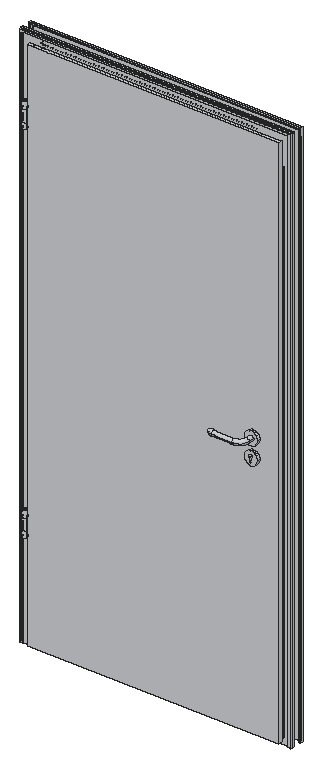
Revit family "BOS-Leibungszarge-Planar-TEud-STW_Familie", category Türen, Revit 2017
Family settings
  Basisbauteil = Wand
  Immer vertikal = Ja
  Beim Laden mit Abzugskörper schneiden = Nein
  Gemeinsam genutzt = Nein
  Raumberechnungspunkt = Ja
Parameters (values of type "TEud")
  Öffnungswinkel [instance] = if(Öffnungswinkel   Aperture < Öffnungswinkel min., Öffnungswinkel min., if(Öffnungswinkel   Aperture > Öffnungswinkel max., Öffnungswinkel max., Öffnungswinkel   Aperture)) * if(DIN links   DIN Left, 1, -1)  # 0.00°
  Öffnungswinkel min. = 0.00°  # constant formula
  Öffnungswinkel max. = 90.00°  # constant formula
  Öffnungswinkel   Aperture [instance] = 0.00°
  Wandstärke min. = 125 mm  # constant formula
  Wandstärke [instance] = if(Wandstärke   Wall Thickness < Wandstärke min., Wandstärke min., Wandstärke   Wall Thickness)  # 200 mm
  Türblattabstand unten = 7 mm  # constant formula
  Türblattabstand oben = 4 mm  # constant formula
  Türblattabstand links-rechts = 3.5 mm  # constant formula
  Türblattabstand 3 = 4.5 mm  # constant formula
  Türblattabstand 2 = 4.5 mm  # constant formula
  Türblattabstand 1 = if(Gefälzt, 1.5 mm, -2 mm)  # 1.5 mm
  Türblattversatz  horizontal = if(Gefälzt, 11.5 mm, 6 mm)  # 11.5 mm
  Türblattaufschlag = 13 mm  # constant formula
  Theoretisches Rohbaumaß Höhe   Theoretical Wall Opening Height Measurement [instance] = FMH Falzmaß Höhe + Einfügepunkt  # 2166 mm
  Theoretisches Rohbaumaß Breite   Theoretical Wall Opening Width Measurement [instance] = FMB Falzmaß Breite + (2 * Einfügepunkt)  # 1082 mm
  Sickentiefe = 10 mm  # constant formula
  Material - Acrylfuge = none
  MW min. [instance] = Falztiefe gesamt + Leibungstiefe - Putzwinkel vorne - Putzwinkel hinten  # 31.5 mm
  MW max. [instance] = Falztiefe gesamt + Leibungstiefe - Putzwinkel vorne - Putzwinkel hinten  # 31.5 mm
  MW Maulweite [instance] = if(MW Maulweite   Receiving Opening < MW min., MW min., if(MW Maulweite   Receiving Opening > MW max., MW max., MW Maulweite   Receiving Opening))  # 31.5 mm
  Leibungstiefe = 23 mm  # constant formula
  Drehpunktreferenz vertikal [instance] = Wandstärke  # 200 mm
  Drehpunktreferenz horizontal = 500 mm  # constant formula
  Drehpunktposition vertikal [instance] = (Wandstärke   Wall Thickness / 2) + GT Gesamttiefe_Zarge   Total Profile Depth + [Drehpunktabstand (SP) vertikal]  # 164 mm
  Drehpunktposition horizontal [instance] = Drehpunktreferenz horizontal + Einfügepunkt + if(DIN links   DIN Left, FMB Falzmaß Breite + [Drehpunktabstand (FM) horizontal], -[Drehpunktabstand (FM) horizontal])  # 1545 mm
  Drehpunktabstand (SP) vertikal = if(Gefälzt, 12.5 mm, 13.5 mm)  # 12.5 mm
  Drehpunktabstand (FM) horizontal = if(Gefälzt, 21 mm, 2.5 mm)  # 21 mm
  Wandstärke   Wall Thickness [instance] = 200 mm
  Stumpf = or([TEsd (Bandrolle sichtbar)], [TEsd (versteckt liegendes Band)])  # no
  VX Bänder [instance] = or(TEud, [TEsd (Bandrolle sichtbar)])  # yes
  Spiegel vorne min. = if(TEud, 50 mm, if([TEsd (Bandrolle sichtbar)], 35 mm, 45 mm))  # 50 mm
  Spiegel vorne max. = 50 mm  # constant formula
  Spiegel hinten min. = 30 mm  # constant formula
  Spiegel hinten max. = 60 mm  # constant formula
  Putzwinkel vorne   Backbend Front [instance] = 10 mm  # constant formula
  Putzwinkel min. = 10 mm  # constant formula
  Putzwinkel max. = 28 mm  # constant formula
  Putzwinkel hinten   Backbend Back [instance] = 10 mm  # constant formula
  Gefälzt = TEud  # yes
  URL = "www.BestOfSteel.de/stahlzargen/sonderzargen-fuer-drehfluegeltueren/leibungszargen-planar/"
  Türblattstärke 3 = 25 mm  # constant formula
  Türblattstärke 2 = Türblattstärke - Türblattstärke 1 - Türblattstärke 3  # 25.5 mm
  Türblattstärke 1 = if(Gefälzt, 14.5 mm, 0 mm)  # 14.5 mm
  Türblattstärke = if(Einfachfalz, 65 mm, 65 mm)  # 65 mm
  Türblattversatz vertikal = if(Gefälzt, -3.5 mm, 15.5 mm)  # -3.5 mm
  Tectus Bänder [instance] = [TEsd (versteckt liegendes Band)]  # no
  TEud = yes
  TEsd (versteckt liegendes Band) = no
  TEsd (Bandrolle sichtbar) = no
  Spiegel vorne   Architrave Front [instance] = 50 mm
  Spiegel vorne [instance] = if(Spiegel vorne   Architrave Front < Spiegel vorne min., Spiegel vorne min., if(Spiegel vorne   Architrave Front > Spiegel vorne max., Spiegel vorne max., Spiegel vorne   Architrave Front))  # 50 mm
  Spiegel hinten   Architrave Back [instance] = 60 mm
  Spiegel hinten [instance] = if(Spiegel hinten   Architrave Back < Spiegel hinten min., Spiegel hinten min., if(Spiegel hinten   Architrave Back > Spiegel hinten max., Spiegel hinten max., Spiegel hinten   Architrave Back))  # 60 mm
  Rough Height = 0 mm  # constant formula
  Rough Width = 0 mm  # constant formula
  Rechtliche Hinweise [instance] = "www.BestOfSteel.de/tools-downloads/bim-building-information-modeling/"
  Putzwinkel vorne [instance] = if(Putzwinkel vorne   Backbend Front < Putzwinkel min., Putzwinkel min., if(Putzwinkel vorne   Backbend Front > Putzwinkel max., Putzwinkel max., Putzwinkel vorne   Backbend Front))  # 10 mm
  Putzwinkel hinten [instance] = if(Putzwinkel hinten   Backbend Back < Putzwinkel min., Putzwinkel min., if(Putzwinkel hinten   Backbend Back > Putzwinkel max., Putzwinkel max., Putzwinkel hinten   Backbend Back))  # 10 mm
  Profilverschiebung = 8 mm  # constant formula
  Modell = "TEud"
  Material - Zarge = none
  Material - Türblatt = none
  Material - Drückergarnitur = none
  Material - Dichtung = none
  Material - Bänder = none
  Material = "grundiert, feuerverzinktes Feinblech nach DIN EN 10143"
  MW Maulweite   Receiving Opening [instance] = Falztiefe gesamt + Leibungstiefe - Putzwinkel vorne - Putzwinkel hinten  # 31.5 mm
  LDH Lichte Durchgangs Höhe   Clearance Height [instance] = FMH Falzmaß Höhe - Falzaufschlag gesamt  # 2093 mm
  LDB Lichte Durchgangs Breite   Clearance Width [instance] = FMB Falzmaß Breite - 2 * (Falzaufschlag gesamt)  # 936 mm
  Information in English = no
  Height [instance] = Theoretisches Rohbaumaß Höhe   Theoretical Wall Opening Height Measurement  # 2166 mm
  Hersteller = "BOS GmbH Best Of Steel, Lütkenfelde 4, D-48282 Emsdetten"
  GT min. [instance] = MW min. + Putzwinkel vorne + Putzwinkel hinten  # 51.5 mm
  GT max. [instance] = MW max. + Putzwinkel vorne + Putzwinkel hinten  # 51.5 mm
  GT Gesamttiefe_Zarge   Total Profile Depth [instance] = MW Maulweite + Putzwinkel vorne + Putzwinkel hinten  # 51.5 mm
  MW Fehler [instance] = Wandstärke   Wall Thickness < Wandstärke min.  # no
  Funktion = Innen
  Falztiefe gesamt = Falztiefe + if(Einfachfalz, 0 mm, Falztiefe 2)  # 28.5 mm
  Falztiefe 2 = 25 mm  # constant formula
  Falztiefe = Türblattstärke 2 - Türblattabstand 1 + Türblattabstand 2  # 28.5 mm
  Falzaufschlag gesamt = Falzaufschlag * if(Einfachfalz, 1, 2)  # 15 mm
  Falzaufschlag = 15 mm  # constant formula
  FMH min. = 1608 mm  # constant formula
  FMH max. = 2858 mm  # constant formula
  FMH Falzmaß_Höhe   Rebate Height Measurement [instance] = 2108 mm
  FMH Falzmaß Höhe [instance] = if(FMH Falzmaß_Höhe   Rebate Height Measurement < FMH min., FMH min., if(FMH Falzmaß_Höhe   Rebate Height Measurement > FMH max., FMH max., FMH Falzmaß_Höhe   Rebate Height Measurement))  # 2108 mm
  FMB min. = 591 mm  # constant formula
  FMB max. = 1341 mm  # constant formula
  FMB Falzmaß_Breite   Rebate Width Measurement [instance] = 966 mm
  FMB Falzmaß Breite [instance] = if(FMB Falzmaß_Breite   Rebate Width Measurement < FMB min., FMB min., if(FMB Falzmaß_Breite   Rebate Width Measurement > FMB max., FMB max., FMB Falzmaß_Breite   Rebate Width Measurement))  # 966 mm
  Einfügepunkt [instance] = Profilverschiebung + Spiegel vorne  # 58 mm
  Einfachfalz = or(TEud, or([TEsd (Bandrolle sichtbar)], [TEsd (versteckt liegendes Band)]))  # yes
  Drückerhöhe   Handle Height [instance] = 1050 mm
  Drückerhöhe [instance] = if(Drückerhöhe   Handle Height < 850 mm, 850 mm, if(Drückerhöhe   Handle Height > 1050 mm, 1050 mm, Drückerhöhe   Handle Height))  # 1050 mm
  Drückergarnitur [instance] = 1 < 2  # yes
  Drehpunkt Warnung sichtbar = yes
  Drehpunkt Warnung [instance] = and(Drehpunkt Warnung sichtbar, not(Öffnungswinkel = 0.00°))  # no
  Doppelfalz = 1 > 2  # no
  Dicke = 0 mm  # constant formula
  Dichtungsversatz vertikal 1 [instance] = Wandstärke - Leibungstiefe + Sickentiefe  # 187 mm
  Dichtungsversatz horizontal 1 [instance] = 0 mm  # constant formula
  Dichtung 1 = or(Einfachfalz, Doppelfalz)  # yes
  DIN rechts   DIN Right [instance] = not(DIN links   DIN Left)  # no
  DIN links oder rechts [instance] = if(DIN links   DIN Left, "DIN links", "DIN rechts")  # "DIN links"
  DIN links   DIN Left [instance] = yes
  Bänder - Auswahl [instance] = if(TEud, "3D Bänder gefälzt, Bandaufnahmen BVX11000", if([TEsd (Bandrolle sichtbar)], "3D Bänder stumpf, Bandaufnahmen BVX11000", "Tectus 3D Bänder, Bandaufnahmenn für Tectus Bänder"))  # "3D Bänder gefälzt, Bandaufnahmen BVX11000"
  Width = 0 mm  # constant formula
  Beschreibung = "Leibungszarge Planar als Eckzarge für Ständerwerk Variante 1, gefälzt"
  Bauelement = "BOS Stahlzarge"
  BOS-Architekten-Beratung = "Tel.: +49 (0) 2572 203-203; E-Mail: architekten@BestOfSteel.de"
  BE max. = 100 mm  # constant formula
  BE Bodeneinstand   Foundation Bedding [instance] = 0 mm
  BE Bodeneinstand [instance] = if(BE Bodeneinstand   Foundation Bedding < 0 mm, 0 mm, if(BE Bodeneinstand   Foundation Bedding > BE max., BE max., BE Bodeneinstand   Foundation Bedding))  # 0 mm
  BBL1 Bandbezugslinie   Hinge Position 1 = 241 mm  # constant formula
  BA Bandabstand   Distance Between Hinges [instance] = if(FMH Falzmaß Höhe < 1546 mm, 935 mm, if(FMH Falzmaß Höhe < 1671 mm, 1060 mm, if(FMH Falzmaß Höhe < 1796 mm, 1185 mm, if(FMH Falzmaß Höhe < 1921 mm, 1310 mm, if(FMH Falzmaß Höhe < 2171 mm, 1435 mm, if(FMH Falzmaß Höhe < 2296 mm, 1685 mm, if(FMH Falzmaß Höhe < 2421 mm, 1810 mm, if(FMH Falzmaß Höhe < 2546 mm, 1935 mm, if(FMH Falzmaß Höhe < 2671 mm, 2060 mm, if(FMH Falzmaß Höhe < 2796 mm, 2185 mm, 2310 mm))))))))))  # 1435 mm
  Technische Infos rund um die Stahlzarge = "www.BestOfSteel.de/tools-downloads/technische-infos-rund-um-die-stahlzarge/"
  Info-Texte sichtbar = yes
Reference planes
  plane 1 "Wand": y = 0
  plane 2 "Mitte (Links/rechts)": x = 125
  plane 3 "Hinten": y = 100
  plane 4 "Vorne": y = -100
  plane 5 "TRB links": x = -416
  plane 6 "TRB rechts": x = 666
  plane 7 "TRH oben": z = 2166
  plane 8 "BBL1": z = 1867
  plane 9 "Drückerhöhe": z = 1050
  plane 10 "BBL2": z = 432
  plane 11 "BE": z = 0
  plane 12 "FMH oben": z = 2108
  plane 13 "BE max.": z = -100
  plane 14 "FMB links": x = -358
  plane 15 "FMB rechts": x = 608
  plane 16 "Drehpunktreferenz horizontal": x = 1166
  plane 17 "Drehpunktreferenz vertikal": y = 200
  plane 18 "Drehpunkt vertikal": y = 36
  plane 19 "Drehpunkt horizontal": x = -379
Forms (mm)
  Sweep 1, solid, material <- "Material - Zarge", detail levels medium+fine
    path origin (0, -100, 0) x (-1, 0, 0) y (0, 0, 1)
      loop
        line (416, 0) -> (416, 2166) -> (-666, 2166) -> (-666, 0)
    profile "BOS-TEud-TEsd_Profil : BOS-TEud-TEsd_Profil" origin (-416, -100, 1083) x (1, 0, 0) y (0, 1, 0)
      loop
        line (71.5, 197.5) -> (71.5, 179.75)
        arc (71.5, 179.75) -> (70.135, 178.505) -> (69.021, 179.979) r 1.25
        line (69.021, 179.979) -> (69.949, 184.949)
        arc (69.949, 184.949) -> (69.308, 187.417) -> (67, 188.5) r 3
        line (67, 188.5) -> (59, 188.5)
        arc (59, 188.5) -> (57.232, 187.768) -> (56.5, 186) r 2.5
        line (56.5, 186) -> (56.5, 151)
        arc (56.5, 151) -> (56.207, 150.293) -> (55.5, 150) r 1
        line (55.5, 150) -> (10.5, 150)
        arc (10.5, 150) -> (9.793, 150.293) -> (9.5, 151) r 1
        line (9.5, 151) -> (9.5, 158.5) -> (8, 158.5) -> (8, 151)
        arc (8, 151) -> (8.732, 149.232) -> (10.5, 148.5) r 2.5
        line (10.5, 148.5) -> (55.5, 148.5)
        arc (55.5, 148.5) -> (57.268, 149.232) -> (58, 151) r 2.5
        line (58, 151) -> (58, 186)
        arc (58, 186) -> (58.293, 186.707) -> (59, 187) r 1
        line (59, 187) -> (67, 187)
        arc (67, 187) -> (68.154, 186.458) -> (68.475, 185.225) r 1.5
        line (68.475, 185.225) -> (67.547, 180.255)
        arc (67.547, 180.255) -> (69.996, 177.012) -> (73, 179.75) r 2.75
        line (73, 179.75) -> (73, 197.5)
        arc (73, 197.5) -> (72.268, 199.268) -> (70.5, 200) r 2.5
        line (70.5, 200) -> (15.5, 200)
        arc (15.5, 200) -> (13.732, 199.268) -> (13, 197.5) r 2.5
        line (13, 197.5) -> (13, 190) -> (14.5, 190) -> (14.5, 197.5)
        arc (14.5, 197.5) -> (14.793, 198.207) -> (15.5, 198.5) r 1
        line (15.5, 198.5) -> (70.5, 198.5)
        arc (70.5, 198.5) -> (71.207, 198.207) -> (71.5, 197.5) r 1
  Sweep 2, solid, material <- "Material - Dichtung", visible <- "Dichtung 1", detail levels medium+fine
    path origin (0, -100, 0) x (-1, 0, 0) y (0, 0, 1)
      loop
        line (358, 0) -> (358, 2108) -> (-608, 2108) -> (-608, 0)
    profile "BOS-Dichtung_Profil : BOS-Dichtung_Profil" origin (-358, -100, 1054) x (1, 0, 0) y (0, 1, 0)
      loop
        arc (2.601, 185.763) -> (2.248, 185.616) -> (2.102, 185.263) r 0.5
        line (2.102, 185.263) -> (2.102, 181.134)
        arc (2.102, 181.134) -> (2.243, 180.754) -> (2.599, 180.557) r 0.584
        line (2.599, 180.557) -> (7.702, 179.78)
        arc (7.702, 179.78) -> (8.08, 179.892) -> (8.234, 180.254) r 0.462
        line (8.234, 180.254) -> (8.069, 184.492)
        arc (8.069, 184.492) -> (7.918, 184.903) -> (7.556, 185.15) r 0.716
        arc (7.556, 185.15) -> (5.104, 185.66) -> (2.601, 185.763) r 15.257
      loop
        arc (2.671, 179.457) -> (2.274, 179.338) -> (2.102, 178.96) r 0.501
        line (2.102, 178.96) -> (2.102, 176.065)
        arc (2.102, 176.065) -> (2.227, 175.651) -> (2.561, 175.374) r 0.75
        line (2.561, 175.374) -> (9.159, 173.5)
        arc (9.159, 173.5) -> (9.738, 173.426) -> (10.314, 173.526) r 1.962
        arc (10.314, 173.526) -> (11.596, 174.254) -> (12.503, 175.416) r 3.79
        arc (12.503, 175.416) -> (12.466, 175.789) -> (12.114, 175.916) r 0.351
        arc (12.114, 175.916) -> (9.731, 176.318) -> (8.301, 178.267) r 3.215
        arc (8.301, 178.267) -> (8.101, 178.597) -> (7.751, 178.759) r 0.66
        line (7.751, 178.759) -> (2.671, 179.457)
      loop
        arc (9.885, 185.192) -> (6.361, 186.549) -> (2.611, 187) r 15.273
        arc (2.611, 187) -> (1.229, 186.741) -> (0, 186.058) r 4.388
        arc (0, 186.058) -> (-0.126, 185.698) -> (0.203, 185.505) r 0.3
        line (0.203, 185.505) -> (1.052, 185.679) -> (1.052, 180.712) -> (0.253, 180.089)
        arc (0.253, 180.089) -> (0.158, 179.698) -> (0.517, 179.517) r 0.324
        arc (0.517, 179.517) -> (0.888, 179.425) -> (1.052, 179.08) r 0.446
        line (1.052, 179.08) -> (1.052, 175.838) -> (0.255, 175.075)
        arc (0.255, 175.075) -> (0.205, 174.709) -> (0.55, 174.577) r 0.297
        arc (0.55, 174.577) -> (1.217, 174.694) -> (1.892, 174.637) r 2.63
        line (1.892, 174.637) -> (9.198, 172.549)
        arc (9.198, 172.549) -> (9.621, 172.508) -> (10.045, 172.524) r 3.219
        arc (10.045, 172.524) -> (12.714, 174.031) -> (14.033, 176.798) r 5.088
        arc (14.033, 176.798) -> (13.874, 177.208) -> (13.442, 177.288) r 0.451
        line (13.442, 177.288) -> (12.151, 176.852)
        arc (12.151, 176.852) -> (10.406, 177.22) -> (9.336, 178.647) r 2.533
        line (9.336, 178.647) -> (9.088, 184.069)
        arc (9.088, 184.069) -> (9.253, 184.464) -> (9.663, 184.587) r 0.501
        arc (9.663, 184.587) -> (10.021, 184.799) -> (9.885, 185.192) r 0.329
  Sweep 3, void
    path origin (0, -100, 0) x (-1, 0, 0) y (0, 0, 1)
      loop
        line (416, 0) -> (416, 2166) -> (-125, 2166)
    profile origin (-416, -100, 1083) x (1, 0, 0) y (0, 1, 0)
      loop
        line (8, 200) -> (8, 187.5) -> (51, 187.5) -> (51, 175) -> (0, 175) -> (0, 143.5) -> (20.5, 143.5) -> (20.5, 0) -> (541, 0) -> (541, 200) -> (8, 200)
  Sweep 4, void
    path origin (0, -100, 0) x (-1, 0, 0) y (0, 0, 1)
      loop
        line (-666, 0) -> (-666, 2166) -> (-125, 2166)
    profile origin (666, -100, 1083) x (1, 0, 0) y (0, 1, 0)
      loop
        line (-541, 200) -> (-541, 0) -> (-20.5, 0) -> (-20.5, 143.5) -> (0, 143.5) -> (0, 175) -> (-51, 175) -> (-51, 187.5) -> (-8, 187.5) -> (-8, 200) -> (-541, 200)
  Sweep 5, solid, material <- "Material - Acrylfuge", detail levels fine
    path origin (0, -100, 0) x (-1, 0, 0) y (0, 0, 1)
      loop
        line (416, 0) -> (416, 2166) -> (-666, 2166) -> (-666, 0)
    profile origin (-416, -100, 1083) x (1, 0, 0) y (0, 1, 0)
      loop
        arc (20.5, 143.5) -> (19.836, 145.962) -> (19.584, 148.5) r 15.539
        line (19.584, 148.5) -> (10.5, 148.5)
        arc (10.5, 148.5) -> (10.261, 146) -> (10.5, 143.5) r 13.205
        line (10.5, 143.5) -> (20.5, 143.5)
      loop
        line (8, 200) -> (8, 190)
        arc (8, 190) -> (10.5, 189.761) -> (13, 190) r 13.205
        line (13, 190) -> (13, 197.5)
        arc (13, 197.5) -> (13.146, 198.341) -> (13.566, 199.084) r 2.5
        arc (13.566, 199.084) -> (10.741, 199.287) -> (8, 200) r 15.539
Lines and regions (mm)
  reference lines
    curve 1: line (75, 650, 0) -> (195, 650, 0)
    curve 2: line (65, -650, 0) -> (185, -650, 0)
    curve 3: line (65, -350, 0) -> (185, -350, 0)
    curve 4: line (-379, 36, 0) -> (121, 36, 0)
  symbolic lines, style "DoorsHiddenLines", visible <- "DIN rechts   DIN Right", detail levels coarse
    curve 5: arc (-416, 36, 0) -> (-99.09, -729.09, 0) -> (666, -1046, 0) r 1082
  symbolic lines, style "Doors", visible <- "DIN rechts   DIN Right", detail levels coarse
    curve 6: line (666, 36, 0) -> (666, -1046, 0)
  symbolic lines, style "DoorsHiddenLines", visible <- "DIN links   DIN Left", detail levels coarse
    curve 7: arc (666, 36, 0) -> (349.09, -729.09, 0) -> (-416, -1046, 0) r 1082
  symbolic lines, style "Doors", visible <- "DIN links   DIN Left", detail levels coarse
    curve 8: line (-416, 36, 0) -> (-416, -1046, 0)
Text (mm)
  text "Außen     " at (-1696.17, 830.944, 0), in view "Ref.-Ebene"
  text "Außen" at (0, 1409.804, 2854.306), in view "Links"
  text "Placement side" at (0, 499.811, 2980.732), in view "Rechts"
Dimensions and locks
  locked: plane 3 "Hinten" to host wall
  locked: host wall to plane 4 "Vorne" at 0
  level to plane 7 "TRH oben" = 2166 mm
  equal spacing: plane 5 "TRB links", plane 2 "Mitte (Links/rechts)", plane 6 "TRB rechts"
  "Theoretisches Rohbaumaß Breite   Theoretical Wall Opening Width Measurement": plane 5 "TRB links" to plane 6 "TRB rechts"
  "Drückerhöhe": level to plane 9 "Drückerhöhe"
  "BE Bodeneinstand": plane 11 "BE" to level
  "Wandstärke   Wall Thickness": host wall to host wall
  "BBL1 Bandbezugslinie   Hinge Position 1": plane 12 "FMH oben" to plane 8 "BBL1"
  "BA Bandabstand   Distance Between Hinges": plane 8 "BBL1" to plane 10 "BBL2"
  "FMH Falzmaß Höhe": plane 12 "FMH oben" to level
  "Theoretisches Rohbaumaß Höhe   Theoretical Wall Opening Height Measurement": plane 7 "TRH oben" to level
  "BE max.": level to plane 13 "BE max."
  equal spacing: plane 14 "FMB links", plane 2 "Mitte (Links/rechts)", plane 15 "FMB rechts"
  "FMB Falzmaß Breite": plane 14 "FMB links" to plane 15 "FMB rechts"
  curve 2 to curve 3 to plane 4 "Vorne" to plane 3 "Hinten" to curve 1 = 300 mm, 250 mm, 200 mm, 550 mm
  "Drehpunktreferenz horizontal": plane 6 "TRB rechts" to plane 16 "Drehpunktreferenz horizontal"
  "Drehpunktposition horizontal": plane 19 "Drehpunkt horizontal" to plane 16 "Drehpunktreferenz horizontal"
  "Drehpunktreferenz vertikal": plane 1 "Wand" to plane 17 "Drehpunktreferenz vertikal"
  "Drehpunktposition vertikal": plane 18 "Drehpunkt vertikal" to plane 17 "Drehpunktreferenz vertikal"
  "Öffnungswinkel": angle curve 4 to plane 18 "Drehpunkt vertikal"
  aligned and locked: plane 1 "Wand" to host wall
  aligned and locked: plane 9 "Drückerhöhe" to nested 1
  aligned and locked: plane 14 "FMB links" to Sweep 2 sketch curve
  aligned and locked: Sweep 2 sketch curve to plane 15 "FMB rechts"
  aligned and locked: Sweep 2 sketch curve to plane 12 "FMH oben"
  aligned and locked: plane 2 "Mitte (Links/rechts)" to nested 2
  aligned and locked: curve 2 to nested 2
  aligned and locked: curve 1 to nested 3
  aligned and locked: plane 2 "Mitte (Links/rechts)" to nested 3
  aligned and locked: nested 5 to plane 16 "Drehpunktreferenz horizontal"
  aligned and locked: plane 1 "Wand" to nested 5
  aligned and locked: curve 3 to nested 4
  aligned and locked: plane 2 "Mitte (Links/rechts)" to nested 4
  aligned and locked: nested 6 to curve 4
  aligned and locked: plane 8 "BBL1" to nested 8
  aligned and locked: nested 7 to plane 10 "BBL2"
  aligned and locked: nested 7 to plane 19 "Drehpunkt horizontal"
  aligned and locked: nested 8 to plane 19 "Drehpunkt horizontal"
  aligned and locked: nested 7 to plane 18 "Drehpunkt vertikal"
  aligned and locked: nested 8 to plane 18 "Drehpunkt vertikal"
  aligned and locked: plane 6 "TRB rechts" to nested 1
  aligned and locked: nested 1 to Sweep 1
  aligned and locked: nested 9 to plane 4 "Vorne"
  aligned and locked: plane 5 "TRB links" to nested 9
  aligned and locked: plane 6 "TRB rechts" to nested 10
  aligned and locked: plane 4 "Vorne" to nested 10
  aligned and locked: plane 5 "TRB links" to Sweep 3 sketch curve
  aligned and locked: Sweep 3 sketch curve to plane 7 "TRH oben"
  aligned and locked: plane 2 "Mitte (Links/rechts)" to Sweep 3 sketch curve
  aligned and locked: level to Sweep 3 sketch curve
  aligned and locked: Sweep 3 sketch curve to nested 9  (x8)
  aligned and locked: Sweep 3 sketch curve to plane 2 "Mitte (Links/rechts)"
  aligned and locked: nested 9 to Sweep 3 sketch curve
  aligned and locked: plane 7 "TRH oben" to Sweep 4 sketch curve
  aligned and locked: plane 2 "Mitte (Links/rechts)" to Sweep 4 sketch curve
  aligned and locked: plane 6 "TRB rechts" to Sweep 4 sketch curve
  aligned and locked: level to Sweep 4 sketch curve
  aligned and locked: Sweep 4 sketch curve to plane 2 "Mitte (Links/rechts)"
  aligned and locked: Sweep 4 sketch curve to nested 10  (x7)
  aligned and locked: nested 10 to Sweep 4 sketch curve  (x2)
  aligned and locked: Sweep 5 sketch curve to plane 7 "TRH oben"
  aligned and locked: Sweep 5 sketch curve to plane 6 "TRB rechts"
  aligned and locked: plane 5 "TRB links" to Sweep 5 sketch curve
  aligned and locked: level to Sweep 5 sketch curve  (x2)
  aligned and locked: Sweep 5 sketch curve to nested 9  (x6)
  aligned and locked: Sweep 5 sketch curve to Sweep 1  (x2)
  aligned and locked: nested 11 to Sweep 1  (x2)
  aligned and locked: plane 18 "Drehpunkt vertikal" to curve 4
  aligned and locked: plane 19 "Drehpunkt horizontal" to curve 4
Automatic sketch dimensions
  Sweep 1 sketch curve to plane 6 "TRB rechts" = 0 mm
  Sweep 1 sketch curve to plane 5 "TRB links" = 0 mm
  Sweep 1 sketch curve to plane 11 "BE" = 0 mm  (x2)
  Sweep 1 sketch curve to plane 7 "TRH oben" = 0 mm
  Sweep 2 sketch curve to level = 0 mm  (x2)
  curve 5 to plane 5 "TRB links" = 0 mm
  curve 7 to plane 6 "TRB rechts" = 0 mm
  curve 6 to plane 6 "TRB rechts" = 0 mm
  curve 7 to plane 18 "Drehpunkt vertikal" = 0 mm
  curve 6 to plane 18 "Drehpunkt vertikal" = 0 mm
  curve 5 to plane 18 "Drehpunkt vertikal" = 0 mm
  curve 8 to plane 5 "TRB links" = 0 mm
  curve 8 to plane 18 "Drehpunkt vertikal" = 0 mm
  curve 2 to plane 2 "Mitte (Links/rechts)" = 60 mm
  curve 3 to plane 2 "Mitte (Links/rechts)" = 60 mm
  curve 1 to plane 2 "Mitte (Links/rechts)" = 50 mm
  plane 2 "Mitte (Links/rechts)" to curve 3 = 60 mm
  plane 2 "Mitte (Links/rechts)" to curve 2 = 60 mm
  plane 2 "Mitte (Links/rechts)" to curve 1 = 70 mm
Nested families
  nested 1: "BOS-BOS_Modell" at (666, 58.5, 1050), type "BOS-BOS_Modell", not visible
    with Abstand 58 mm
  nested 2: "BOS-Info-Texte_Beschriftung" at (125, -650.955, 0), visible <- "Info-Texte sichtbar", type "Rechtliche Hinweise"
  nested 3: "BOS-Info-Texte_Beschriftung" at (125, 649.045, 0), visible <- "Info-Texte sichtbar", type "Technische Hinweise"
  nested 4: "BOS-Info-Texte_Beschriftung" at (125, -350.955, 0), visible <- "Drehpunkt Warnung", type "Drehpunkt Warnung"
  nested 5: "BOS-Info-Texte_Beschriftung" at (1166, -0.955, 0), visible <- "MW Fehler", type "Maulweite Fehlermeldung"
  nested 6: "BOS-Türblatt_Modell" at (125, 39.5, 0), type "BOS-Türblatt_Modell", detail levels medium+fine
    with Glastürdrücker DIN rechts no, Glastürdrücker DIN links no, Drückergarnitur DIN rechts no, Drückergarnitur DIN links yes, Türblattstärke 3 25 mm, Türblattstärke 65 mm, Drehpunktabstand vertikal 126.5 mm
  nested 7: "BOS-Band-VX_Modell" at (-379, 36, 432), visible <- "VX Bänder", type "BOS-Band-VX_Modell", detail levels fine
  nested 8: "BOS-Band-VX_Modell" at (-379, 36, 1867), visible <- "VX Bänder", type "BOS-Band-VX_Modell", detail levels fine
  nested 9: "BOS-Sonder-Bügelanker-Leibungszarge-Planar-Eckzarge-V1-V2_Detail" at (-423.5, 42.5, 0), type "BOS-Sonder-Bügelanker-Leibungszarge-Planar-Eckzarge-V1-V2_Detail", detail levels fine
    with Unterfütterungsstärke 5 mm, Spiegel vorne 50 mm, Profilverschiebung 8 mm, Beplankungsreferenz 73 mm, Ankerreferenz horizontal 58 mm
  nested 10: "BOS-Sonder-Bügelanker-Leibungszarge-Planar-Eckzarge-V1-V2_Detail" at (673.5, 42.5, 0) x (-1, 0, 0) z (0, 0, 1), type "BOS-Sonder-Bügelanker-Leibungszarge-Planar-Eckzarge-V1-V2_Detail", detail levels fine
    with Unterfütterungsstärke 5 mm, Spiegel vorne 50 mm, Profilverschiebung 8 mm, Beplankungsreferenz 73 mm, Ankerreferenz horizontal 58 mm
  nested 11: "BOS-Logo_Modell" at (-394.5, 90, 0), type "BOS-Logo_Modell", detail levels fine
Definition of nested family "BOS-Türblatt_Modell"
  Parameters (values of type "BOS-Türblatt_Modell")
    Default Elevation = 1219.2 mm
    URL = "www.BestOfSteel.de"
    Türblattversatz vertikal = -3.5 mm
    Türblattversatz horizontal = 11.5 mm
    Technische Infos rund um die Stahlzarge = "www.BestOfSteel.de/tools-downloads/technische-infos-rund-um-die-stahlzarge/"
    Türblattaufschlag = 13 mm
    Türblattstärke 3 = 0 mm
    Türblattstärke 2 = 25.5 mm
    Türblattstärke 1 = 14.5 mm
    Türblattstärke = 40 mm
    Türblattabstand oben = 4 mm
    Türblattabstand unten = 7 mm
    Türblattabstand links-rechts = 3.5 mm
    TAH3 Türblatt Außenmaß Höhe 3 = FMH Zargen Falzmaß Höhe - Falzaufschlag - Türblattabstand oben - Türblattabstand unten  # 2082 mm
    TAH2 Türblatt Außenmaß Höhe 2 = FMH Zargen Falzmaß Höhe - Türblattabstand oben - Türblattabstand unten  # 2097 mm
    TAH Türblatt Außenmaß Höhe = FMH Zargen Falzmaß Höhe + if(Gefälzt, Türblattaufschlag, 0 mm) - Türblattabstand oben - Türblattabstand unten  # 2110 mm
    Stumpf = no
    Rechtliche Hinweise = "www.BestOfSteel.de/tools-downloads/bim-building-information-modeling/"
    Material - Türblatt = none
    Material - Drückergarnitur = none
    Glastürtdrücker = no
    Glastürdrücker DIN rechts [instance] = and(Glastürtdrücker, DIN rechts)  # no
    Glastürdrücker DIN links [instance] = and(Glastürtdrücker, DIN links)  # no
    Gefälzt = yes
    FMH Zargen Falzmaß Höhe = 2108 mm
    FMB Zargen Falzmaß Breite = 966 mm
    Einfachfalz = yes
    Drückerhöhe = 1050 mm
    Drückergarnitur = yes
    Drückerabstand = 100 mm
    Drehpunktabstand vertikal = (2 * Türblattstärke) + Türblattversatz vertikal  # 76.5 mm
    Drehpunktabstand horizontal = (TAB Türblatt Außenmass Breite / 2) + if(DIN links, -Türblattversatz horizontal, TAB Türblatt Außenmass Breite + Türblattversatz horizontal)  # 481 mm
    Doppelfalz = no
    Drückergarnitur DIN rechts [instance] = and(Drückergarnitur, DIN rechts)  # no
    Drückergarnitur DIN links [instance] = and(Drückergarnitur, DIN links)  # yes
    DIN rechts = no
    DIN links = yes
    Description = "Holz- oder Glastürblatt, mit Drücker, gefälzt oder stumpf"
    Keynote = "BOS Türblatt"
    TAB3 Türblatt Außenmass Breite Türblatt 3 = FMB Zargen Falzmaß Breite - 2 * (Falzaufschlag + [Türblattabstand links-rechts])  # 929 mm
    TAB Türblatt Außenmass Breite = FMB Zargen Falzmaß Breite + 2 * (if(Gefälzt, Türblattaufschlag, 0 mm) - [Türblattabstand links-rechts])  # 985 mm
    TAB2 Türblatt Außenmass Breite Türblatt 2 = FMB Zargen Falzmaß Breite - 2 * ([Türblattabstand links-rechts])  # 959 mm
    Falzaufschlag = 15 mm
    BOS-Architekten-Beratung = "Tel.: +49 (0) 2572 203-203; E-Mail: architekten@BestOfSteel.de"
  Reference planes
    plane 1: y = -7
    plane 2: z = 0
    plane 3: x = 0
    plane 4: z = 7
    plane 5: z = 2117
    plane 6: x = -492.5
    plane 7: x = 492.5
    plane 8: x = -479.5
    plane 9: x = 479.5
    plane 10: x = 464.5
    plane 11: x = -464.5
    plane 12: y = 7.5
    plane 13: y = 33
    plane 14: y = 33
    plane 15: z = 2104
    plane 16: z = 2089
    plane 17: x = -392.5
    plane 18: x = 392.5
    plane 19: y = 73
    plane 20: z = 1050
    plane 21: x = -502.5
    plane 22: x = 502.5
    plane 23: z = 2127
    plane 24: x = -985
    plane 25: x = -504
    plane 26: y = -3.5
  Forms (mm)
    Extrusion 1, solid, material <- "Material - Türblatt", detail levels medium+fine
      sketch origin (0, 0, 0) x (1, 0, 0) y (0, 1, 0)
        loop
          line (-492.5, 33) -> (-492.5, -7) -> (492.5, -7) -> (492.5, 33) -> (-492.5, 33)
      from 7 to 2117
    Extrusion 2, void
      sketch origin (0, 0, 0) x (1, 0, 0) y (0, 1, 0)
        loop
          line (-502.5, 73) -> (-502.5, 7.5) -> (-479.5, 7.5) -> (-479.5, 33) -> (-464.5, 33) -> (-464.5, 73) -> (-502.5, 73)
        loop
          line (464.5, 73) -> (464.5, 33) -> (479.5, 33) -> (479.5, 7.5) -> (502.5, 7.5) -> (502.5, 73) -> (464.5, 73)
      from 7 to 2117
    Extrusion 3, void
      sketch origin (0, 0, 0) x (0, 1, 0) y (0, 0, 1)
        loop
          line (73, 2127) -> (7.5, 2127) -> (7.5, 2104) -> (33, 2104) -> (33, 2089) -> (73, 2089) -> (73, 2127)
      from -492.5 to 492.5
  Cuts and joins
    Extrusion 2, Extrusion 3 cuts Extrusion 1
  Dimensions and locks
    "Türblattabstand unten": plane 4 to plane 2
    equal spacing: plane 6, plane 3, plane 7
    "TAB Türblatt Außenmass Breite": plane 6 to plane 7
    equal spacing: plane 8, plane 3, plane 9
    "TAB2 Türblatt Außenmass Breite Türblatt 2": plane 8 to plane 9
    equal spacing: plane 11, plane 3, plane 10
    "TAB3 Türblatt Außenmass Breite Türblatt 3": plane 11 to plane 10
    "Türblattstärke 1": plane 1 to plane 12
    "Türblattstärke 2": plane 13 to plane 12
    "Türblattstärke 3": plane 14 to plane 13
    "TAH Türblatt Außenmaß Höhe": plane 5 to plane 4
    "TAH2 Türblatt Außenmaß Höhe 2": plane 15 to plane 4
    "TAH3 Türblatt Außenmaß Höhe 3": plane 16 to plane 4
    "Drückerabstand": plane 6 to plane 17
    "Drückerabstand": plane 18 to plane 7
    "Türblattstärke": plane 19 to plane 14
    "Drückerhöhe": plane 20 to plane 2
    plane 21 to plane 6 = 10 mm
    plane 7 to plane 22 = 10 mm
    plane 23 to plane 5 = 10 mm
    "Drehpunktabstand horizontal": plane 24 to plane 25
    "TAB Türblatt Außenmass Breite": plane 24 to plane 3
    "Drehpunktabstand vertikal": plane 19 to plane 26
    aligned and locked: level to plane 2
    aligned and locked: Extrusion 1 sketch curve to plane 1
    aligned and locked: Extrusion 1 sketch curve to plane 6
    aligned and locked: Extrusion 1 sketch curve to plane 14
    aligned and locked: Extrusion 1 sketch curve to plane 7
    aligned and locked: Extrusion 1 to plane 4
    aligned and locked: plane 5 to Extrusion 1
    aligned and locked: plane 19 to Extrusion 2 sketch curve
    aligned and locked: plane 11 to Extrusion 2 sketch curve
    aligned and locked: plane 13 to Extrusion 2 sketch curve  (x2)
    aligned and locked: plane 8 to Extrusion 2 sketch curve
    aligned and locked: Extrusion 2 sketch curve to plane 12
    aligned and locked: plane 10 to Extrusion 2 sketch curve
    aligned and locked: plane 9 to Extrusion 2 sketch curve
    aligned and locked: plane 12 to Extrusion 2 sketch curve
    aligned and locked: Extrusion 2 sketch curve to plane 19
    aligned and locked: Extrusion 2 to plane 4
    aligned and locked: plane 5 to Extrusion 2
    aligned and locked: Extrusion 3 sketch curve to plane 12
    aligned and locked: plane 19 to Extrusion 3 sketch curve
    aligned and locked: Extrusion 3 sketch curve to plane 16
    aligned and locked: Extrusion 3 sketch curve to plane 15
    aligned and locked: Extrusion 3 sketch curve to plane 13
    aligned and locked: plane 7 to Extrusion 3
    aligned and locked: Extrusion 3 to plane 6
    aligned and locked: plane 22 to Extrusion 2 sketch curve
    aligned and locked: Extrusion 2 sketch curve to plane 21
    aligned and locked: plane 23 to Extrusion 3 sketch curve
    aligned and locked: nested 1 to plane 20
    aligned and locked: plane 20 to nested 3
    aligned and locked: plane 20 to nested 2
    aligned and locked: nested 4 to plane 20
    aligned and locked: nested 1 to plane 17
    aligned and locked: nested 3 to plane 17
    aligned and locked: nested 2 to plane 18
    aligned and locked: nested 4 to plane 18
    aligned and locked: plane 1 to nested 1
    aligned and locked: nested 3 to plane 14
    aligned and locked: plane 14 to nested 4
    aligned and locked: nested 2 to plane 1
  Nested families
    nested 1: "BOS-Drückergarnitur_Modell" at (-392.5, -7, 1050), visible <- "Drückergarnitur DIN rechts", type "BOS-Drückergarnitur_Modell", detail levels fine
    nested 2: "BOS-Drückergarnitur_Modell" at (392.5, -7, 1050) x (-1, 0, 0) z (0, 0, 1), visible <- "Drückergarnitur DIN links", type "BOS-Drückergarnitur_Modell", detail levels fine
    nested 3: "BOS-Drückergarnitur_Modell" at (-392.5, 33, 1050), visible <- "Drückergarnitur DIN rechts", type "BOS-Drückergarnitur_Modell", detail levels fine
    nested 4: "BOS-Drückergarnitur_Modell" at (392.5, 33, 1050) x (-1, 0, 0) z (0, 0, 1), visible <- "Drückergarnitur DIN links", type "BOS-Drückergarnitur_Modell", detail levels fine
  Definition of nested family "BOS-Drückergarnitur_Modell"
    Parameters (values of type "BOS-Drückergarnitur_Modell")
      URL = "www.BestOfSteel.de"
      Rechtliche Hinweise = "www.BestOfSteel.de/tools-downloads/bim-building-information-modeling/"
      Material - Drückergarnitur = none
      Description = "Drücker und Rosette"
      Keynote = "BOS Drückergarnitur"
      BOS-Architekten-Beratung = "Tel.: +49 (0) 2572 203-203; E-Mail: architekten@BestOfSteel.de"
      Technische Infos rund um die Stahlzarge = "www.BestOfSteel.de/tools-downloads/technische-infos-rund-um-die-stahlzarge/"
    Reference planes
      plane 1: y = 0
      plane 2: z = 0
      plane 3: x = 0
    Forms (mm)
      Sweep 1, solid, material <- "Material - Drückergarnitur"
        path origin (0, 0, 0) x (1, 0, 0) y (0, 1, 0)
          loop
            line (0, 0) -> (0, -10)
        profile origin (0, -5, 0) x (1, 0, 0) y (0, 0, 1)
          loop
            circle (0, 0) r 26
      Sweep 2, solid, material <- "Material - Drückergarnitur"
        path origin (0, 0, 0) x (1, 0, 0) y (0, 1, 0)
          loop
            line (0, -10) -> (0, -30.336)
            arc (0, -30.336) -> (8.201, -50.135) -> (28, -58.336) r 28
            line (28, -58.336) -> (108.063, -58.336)
            arc (108.063, -58.336) -> (116.614, -56.829) -> (124.133, -52.487) r 25
        profile origin (0, -20.168, 0) x (1, 0, 0) y (0, 0, 1)
          loop
            circle (0, 0) r 9
      Sweep 3, solid, material <- "Material - Drückergarnitur"
        path origin (0, 0, -70) x (1, 0, 0) y (0, 1, 0)
          loop
            line (0, 0) -> (0, -10)
        profile origin (0, -5, -70) x (1, 0, 0) y (0, 0, 1)
          loop
            circle (0, 0) r 26
          loop
            arc (-4.3, -12.6) -> (0, -16.9) -> (4.3, -12.6) r 4.3
            line (4.3, -12.6) -> (4.3, 0)
            arc (4.3, 0) -> (7.07, 8.305) -> (0, 13.47) r 7.421
            arc (0, 13.47) -> (-7.07, 8.305) -> (-4.3, 0) r 7.421
            line (-4.3, 0) -> (-4.3, -12.6)
    Dimensions and locks
      plane 2 to Sweep 3 = 70 mm
    Automatic sketch dimensions
      Sweep 1 sketch curve to plane 3 = 0 mm
      plane 1 to Sweep 1 sketch curve = 0 mm
      plane 1 to Sweep 1 sketch curve = 10 mm
      level to Sweep 1 sketch curve = 0 mm
      profile plane to Sweep 1 sketch curve = 0 mm
      Sweep 2 sketch curve to plane 3 = 0 mm
      plane 3 to Sweep 2 sketch curve = 28 mm
      plane 1 to Sweep 2 sketch curve = 33.336 mm
      Sweep 2 sketch curve to Sweep 2 sketch curve = 80.063 mm
      plane 1 to Sweep 2 sketch curve = 58.336 mm
      Sweep 2 sketch curve to Sweep 2 sketch curve = 16.07 mm
      plane 1 to Sweep 2 sketch curve = 10 mm
      level to Sweep 2 sketch curve = 0 mm
      profile plane to Sweep 2 sketch curve = 0 mm
      Sweep 3 sketch curve to plane 3 = 0 mm
      plane 1 to Sweep 3 sketch curve = 0 mm
      plane 1 to Sweep 3 sketch curve = 10 mm
      Sweep 3 sketch curve to Sweep 3 sketch curve = 0 mm  (x2)
      Sweep 3 sketch curve to profile plane = 0 mm  (x2)
      profile plane to Sweep 3 sketch curve = 0 mm  (x3)
      Sweep 3 sketch curve to Sweep 3 sketch curve = 4.3 mm
      Sweep 3 sketch curve to Sweep 3 sketch curve = 12.6 mm
      profile plane to Sweep 3 sketch curve = 6.049 mm
      radius of Sweep 1 sketch curve = 26 mm
      radius of Sweep 2 sketch curve = 9 mm
      radius of Sweep 3 sketch curve = 26 mm
Definition of nested family "BOS-Band-VX_Modell"
  Parameters (values of type "BOS-Band-VX_Modell")
    Öffnungswinkel = 0.00°
    URL = "www.BestOfSteel.de"
    Stumpf DIN rechts = and(Stumpf, DIN rechts)  # no
    Stumpf DIN links = and(Stumpf, DIN links)  # no
    Stumpf = no
    Rechtliche Hinweise = "www.BestOfSteel.de/tools-downloads/bim-building-information-modeling/"
    Material - Bänder = none
    Manufacturer = ""
    Gefälzt DIN rechts = and(Gefälzt, DIN rechts)  # no
    Gefälzt DIN links = and(Gefälzt, DIN links)  # yes
    Gefälzt = yes
    Drehwinkel = Öffnungswinkel  # 0.00°
    DIN rechts = no
    DIN links = yes
    Description = "Band VX gefälzt oder stumpf"
    Keynote = "BOS Modell"
    BOS-Architekten-Beratung = "Tel.: +49 (0) 2572 203-203; E-Mail: architekten@BestOfSteel.de"
    Technische Infos rund um die Stahlzarge = "www.BestOfSteel.de/tools-downloads/technische-infos-rund-um-die-stahlzarge/"
  Reference planes
    plane 1: y = 0
    plane 2: z = 0
    plane 3: x = 0
  Forms (mm)
    Sweep 1, solid, material <- "Material - Bänder"
      path origin (-13.92, -27.5, 1200) x (-1, 0, 0) y (0, 0, 1)
        loop
          line (-13.92, -1247.5) -> (-13.92, -1152.5)
      profile origin (0, -27.5, 0) x (1, 0, 0) y (0, 1, 0)
        loop
          circle (0, 27.5) r 6.5
    Extrusion 2, solid, material <- "Material - Bänder", visible <- "Gefälzt DIN links"
      sketch origin (58.575, -26.745, 0) x (1, 0, 0) y (0, 1, 0)
        loop
          line (-48.615, 25.844) -> (-47.575, 37.348) -> (-47.575, 39.245) -> (-51.075, 39.245) -> (-51.075, 37.506) -> (-52.154, 25.574)
          arc (-52.154, 25.574) -> (-64.788, 24.746) -> (-54.041, 31.44) r 6.527
          line (-54.041, 31.44) -> (-51.628, 33.938)
          arc (-51.628, 33.938) -> (-67.946, 23.257) -> (-48.615, 25.844) r 10
      from -23.5 to 23.5
    Extrusion 3, solid, material <- "Material - Bänder", visible <- "Stumpf DIN links"
      sketch origin (26.489, 48.796, 0) x (1, 0, 0) y (0, 1, 0)
        loop
          line (-37.489, -37.345) -> (-36.338, -50.529)
          arc (-36.338, -50.529) -> (-16.979, -51.887) -> (-33.436, -41.602) r 10
          line (-33.436, -41.602) -> (-31.004, -44.128)
          arc (-31.004, -44.128) -> (-23.943, -42.824) -> (-19.982, -48.813) r 6.507
          arc (-19.982, -48.813) -> (-25.866, -55.271) -> (-32.842, -50.01) r 6.486
          line (-32.842, -50.01) -> (-34.035, -37.197) -> (-34.035, -35.296) -> (-37.489, -35.296) -> (-37.489, -37.345)
      from -23.5 to 23.5
    Extrusion 4, solid, material <- "Material - Bänder", visible <- "Gefälzt DIN links"
      sketch origin (0, 0, 0) x (0.5, -0.866025, 0) y (0.866025, 0.5, 0)
        loop
          arc (-3.25, -5.629) -> (-6.279, -1.682) -> (-5.629, 3.25) r 6.5
          line (-5.629, 3.25) -> (0.121, 13.209) -> (-2.91, 14.959) -> (-8.66, 5)
          arc (-8.66, 5) -> (5.664, -8.241) -> (-1.564, 9.877) r 10
          line (-1.564, 9.877) -> (-1.017, 6.42)
          arc (-1.017, 6.42) -> (6.391, -1.185) -> (-3.25, -5.629) r 6.5
      from 24 to 47.5
    Extrusion 5, solid, material <- "Material - Bänder", visible <- "Gefälzt DIN links"
      sketch origin (0, 0, 0) x (0.5, -0.866025, 0) y (0.866025, 0.5, 0)
        loop
          arc (-3.25, -5.629) -> (-6.279, -1.682) -> (-5.629, 3.25) r 6.5
          line (-5.629, 3.25) -> (0.121, 13.209) -> (-2.91, 14.959) -> (-8.66, 5)
          arc (-8.66, 5) -> (5.664, -8.241) -> (-1.564, 9.877) r 10
          line (-1.564, 9.877) -> (-1.017, 6.42)
          arc (-1.017, 6.42) -> (6.391, -1.185) -> (-3.25, -5.629) r 6.5
      from -24 to -47.5
    Extrusion 6, solid, material <- "Material - Bänder", visible <- "Stumpf DIN links"
      sketch origin (0, 0, 0) x (1, 0, 0) y (0, 1, 0)
        loop
          line (4.091, 5.051) -> (6.293, 7.771)
          arc (6.293, 7.771) -> (-9.026, -4.305) -> (10, 0) r 10
          line (10, 0) -> (10, 15.5) -> (6.5, 15.5) -> (6.5, 0)
          arc (6.5, 0) -> (0, -6.5) -> (-6.5, 0) r 6.5
          arc (-6.5, 0) -> (-2.798, 5.867) -> (4.091, 5.051) r 6.5
      from 24 to 47.5
    Extrusion 7, solid, material <- "Material - Bänder", visible <- "Stumpf DIN links"
      sketch origin (0, 0, 0) x (1, 0, 0) y (0, 1, 0)
        loop
          line (4.091, 5.051) -> (6.293, 7.771)
          arc (6.293, 7.771) -> (-9.026, -4.305) -> (10, 0) r 10
          line (10, 0) -> (10, 15.5) -> (6.5, 15.5) -> (6.5, 0)
          arc (6.5, 0) -> (0, -6.5) -> (-6.5, 0) r 6.5
          arc (-6.5, 0) -> (-2.798, 5.867) -> (4.091, 5.051) r 6.5
      from -24 to -47.5
    Extrusion 8, solid, material <- "Material - Bänder", visible <- "Stumpf DIN rechts"
      sketch origin (-26.489, 48.796, 0) x (-1, 0, 0) y (0, -1, 0)
        loop
          line (-37.489, 37.345) -> (-37.489, 35.296) -> (-34.035, 35.296) -> (-34.035, 37.197) -> (-32.842, 50.01)
          arc (-32.842, 50.01) -> (-25.866, 55.271) -> (-19.982, 48.813) r 6.486
          arc (-19.982, 48.813) -> (-23.943, 42.824) -> (-31.004, 44.128) r 6.507
          line (-31.004, 44.128) -> (-33.436, 41.602)
          arc (-33.436, 41.602) -> (-16.979, 51.887) -> (-36.338, 50.529) r 10
          line (-36.338, 50.529) -> (-37.489, 37.345)
      from -23.5 to 23.5
    Extrusion 9, solid, material <- "Material - Bänder", visible <- "Stumpf DIN rechts"
      sketch origin (0, 0, 0) x (-1, 0, 0) y (0, -1, 0)
        loop
          arc (4.091, -5.051) -> (-2.798, -5.867) -> (-6.5, 0) r 6.5
          arc (-6.5, 0) -> (0, 6.5) -> (6.5, 0) r 6.5
          line (6.5, 0) -> (6.5, -15.5) -> (10, -15.5) -> (10, 0)
          arc (10, 0) -> (-9.026, 4.305) -> (6.293, -7.771) r 10
          line (6.293, -7.771) -> (4.091, -5.051)
      from 24 to 47.5
    Extrusion 10, solid, material <- "Material - Bänder", visible <- "Stumpf DIN rechts"
      sketch origin (0, 0, 0) x (-1, 0, 0) y (0, -1, 0)
        loop
          arc (4.091, -5.051) -> (-2.798, -5.867) -> (-6.5, 0) r 6.5
          arc (-6.5, 0) -> (0, 6.5) -> (6.5, 0) r 6.5
          line (6.5, 0) -> (6.5, -15.5) -> (10, -15.5) -> (10, 0)
          arc (10, 0) -> (-9.026, 4.305) -> (6.293, -7.771) r 10
          line (6.293, -7.771) -> (4.091, -5.051)
      from -24 to -47.5
    Extrusion 11, solid, material <- "Material - Bänder", visible <- "Gefälzt DIN rechts"
      sketch origin (-58.575, -26.745, 0) x (-1, 0, 0) y (0, -1, 0)
        loop
          arc (-48.615, -25.844) -> (-67.946, -23.257) -> (-51.628, -33.938) r 10
          line (-51.628, -33.938) -> (-54.041, -31.44)
          arc (-54.041, -31.44) -> (-64.788, -24.746) -> (-52.154, -25.574) r 6.527
          line (-52.154, -25.574) -> (-51.075, -37.506) -> (-51.075, -39.245) -> (-47.575, -39.245) -> (-47.575, -37.348) -> (-48.615, -25.844)
      from -23.5 to 23.5
    Extrusion 12, solid, material <- "Material - Bänder", visible <- "Gefälzt DIN rechts"
      sketch origin (0, 0, 0) x (-0.5, -0.866025, 0) y (0.866025, -0.5, 0)
        loop
          arc (-3.25, 5.629) -> (6.391, 1.185) -> (-1.017, -6.42) r 6.5
          line (-1.017, -6.42) -> (-1.564, -9.877)
          arc (-1.564, -9.877) -> (5.664, 8.241) -> (-8.66, -5) r 10
          line (-8.66, -5) -> (-2.91, -14.959) -> (0.121, -13.209) -> (-5.629, -3.25)
          arc (-5.629, -3.25) -> (-6.279, 1.682) -> (-3.25, 5.629) r 6.5
      from 24 to 47.5
    Extrusion 13, solid, material <- "Material - Bänder", visible <- "Gefälzt DIN rechts"
      sketch origin (0, 0, 0) x (-0.5, -0.866025, 0) y (0.866025, -0.5, 0)
        loop
          arc (-3.25, 5.629) -> (6.391, 1.185) -> (-1.017, -6.42) r 6.5
          line (-1.017, -6.42) -> (-1.564, -9.877)
          arc (-1.564, -9.877) -> (5.664, 8.241) -> (-8.66, -5) r 10
          line (-8.66, -5) -> (-2.91, -14.959) -> (0.121, -13.209) -> (-5.629, -3.25)
          arc (-5.629, -3.25) -> (-6.279, 1.682) -> (-3.25, 5.629) r 6.5
      from -24 to -47.5
  Lines and regions (mm)
    reference lines
      curve 1: line (0, 0, 0) -> (110, 0, 0)
  Dimensions and locks
    "Drehwinkel": angle curve 1 to plane 1
    aligned and locked: level to plane 2
    aligned and locked: plane 3 to curve 1
    aligned and locked: plane 1 to curve 1
  Automatic sketch dimensions
    Sweep 1 sketch curve to plane 3 = 0 mm
    Sweep 1 sketch curve to level = 47.5 mm
    level to Sweep 1 sketch curve = 47.5 mm
    Sweep 1 sketch curve to profile plane = 0 mm
    profile plane to Sweep 1 sketch curve = 27.5 mm
    Extrusion 2 sketch curve to Extrusion 2 sketch curve = 0 mm  (x3)
    plane 1 to Extrusion 2 sketch curve = 0 mm
    plane 3 to Extrusion 2 sketch curve = 0 mm
    plane 1 to Extrusion 2 sketch curve = 1.171 mm
    Extrusion 2 sketch curve to Extrusion 2 sketch curve = 6.421 mm
    Extrusion 2 sketch curve to plane 1 = 7.193 mm
    Extrusion 2 sketch curve to Extrusion 2 sketch curve = 0.526 mm
    Extrusion 2 sketch curve to Extrusion 2 sketch curve = 0.553 mm
    plane 1 to Extrusion 2 sketch curve = 0.901 mm
    Extrusion 2 sketch curve to plane 1 = 10.603 mm
    Extrusion 2 sketch curve to Extrusion 2 sketch curve = 3.5 mm
    Extrusion 2 sketch curve to Extrusion 2 sketch curve = 0.158 mm
    Extrusion 2 sketch curve to Extrusion 2 sketch curve = 1.739 mm
    Extrusion 2 sketch curve to plane 1 = 4.695 mm
    Extrusion 3 sketch curve to plane 1 = 0 mm
    Extrusion 3 sketch curve to plane 1 = 11.45 mm
    Extrusion 3 sketch curve to plane 3 = 11 mm
    plane 1 to Extrusion 3 sketch curve = 1.733 mm
    Extrusion 3 sketch curve to Extrusion 3 sketch curve = 1.151 mm
    Extrusion 3 sketch curve to Extrusion 3 sketch curve = 3.454 mm
    Extrusion 3 sketch curve to plane 1 = 7.193 mm
    Extrusion 3 sketch curve to Extrusion 3 sketch curve = 0.599 mm
    plane 1 to Extrusion 3 sketch curve = 1.214 mm
    Extrusion 3 sketch curve to Extrusion 3 sketch curve = 3.496 mm
    Extrusion 3 sketch curve to plane 1 = 4.667 mm
    Extrusion 3 sketch curve to Extrusion 3 sketch curve = 2.431 mm
    Extrusion 3 sketch curve to Extrusion 3 sketch curve = 0.001 mm
    Extrusion 3 sketch curve to Extrusion 3 sketch curve = 0.021 mm
    plane 1 to Extrusion 3 sketch curve = 0.017 mm
    Extrusion 3 sketch curve to Extrusion 3 sketch curve = 0.149 mm
    Extrusion 3 sketch curve to Extrusion 3 sketch curve = 2.05 mm
    Extrusion 4 sketch curve to Extrusion 4 sketch curve = 0 mm  (x6)
    curve 1 to Extrusion 4 sketch curve = 0 mm  (x2)
    Extrusion 4 sketch curve to curve 1 = 63.66 mm
    Extrusion 4 sketch curve to Extrusion 4 sketch curve = 3.031 mm
    Extrusion 4 sketch curve to curve 1 = 57.91 mm
    Extrusion 4 sketch curve to curve 1 = 56.564 mm
    Extrusion 4 sketch curve to Extrusion 4 sketch curve = 0.548 mm
    Extrusion 4 sketch curve to Extrusion 4 sketch curve = 1.017 mm
    Extrusion 4 sketch curve to curve 1 = 54.879 mm
    Extrusion 4 sketch curve to Extrusion 4 sketch curve = 3.25 mm
    Extrusion 4 sketch curve to Extrusion 4 sketch curve = 1.75 mm
    Extrusion 5 sketch curve to Extrusion 5 sketch curve = 0 mm  (x6)
    curve 1 to Extrusion 5 sketch curve = 0 mm  (x2)
    Extrusion 5 sketch curve to curve 1 = 63.66 mm
    Extrusion 5 sketch curve to Extrusion 5 sketch curve = 3.031 mm
    Extrusion 5 sketch curve to curve 1 = 57.91 mm
    Extrusion 5 sketch curve to curve 1 = 56.564 mm
    Extrusion 5 sketch curve to Extrusion 5 sketch curve = 0.548 mm
    Extrusion 5 sketch curve to Extrusion 5 sketch curve = 1.017 mm
    Extrusion 5 sketch curve to curve 1 = 54.879 mm
    Extrusion 5 sketch curve to Extrusion 5 sketch curve = 3.25 mm
    Extrusion 5 sketch curve to Extrusion 5 sketch curve = 1.75 mm
    Extrusion 6 sketch curve to Extrusion 6 sketch curve = 0 mm  (x6)
    Extrusion 6 sketch curve to curve 1 = 0 mm  (x2)
    Extrusion 6 sketch curve to curve 1 = 5.051 mm
    Extrusion 6 sketch curve to Extrusion 6 sketch curve = 4.091 mm
    Extrusion 6 sketch curve to curve 1 = 7.771 mm
    Extrusion 6 sketch curve to Extrusion 6 sketch curve = 2.203 mm
    Extrusion 6 sketch curve to Extrusion 6 sketch curve = 7.729 mm
    Extrusion 7 sketch curve to Extrusion 7 sketch curve = 0 mm  (x6)
    Extrusion 7 sketch curve to curve 1 = 0 mm  (x2)
    Extrusion 7 sketch curve to curve 1 = 5.051 mm
    Extrusion 7 sketch curve to Extrusion 7 sketch curve = 4.091 mm
    Extrusion 7 sketch curve to curve 1 = 7.771 mm
    Extrusion 7 sketch curve to Extrusion 7 sketch curve = 2.203 mm
    Extrusion 7 sketch curve to Extrusion 7 sketch curve = 7.729 mm
    Extrusion 8 sketch curve to plane 1 = 0 mm
    plane 1 to Extrusion 8 sketch curve = 11.45 mm
    Extrusion 8 sketch curve to plane 3 = 11 mm
    Extrusion 8 sketch curve to plane 1 = 1.733 mm
    Extrusion 8 sketch curve to Extrusion 8 sketch curve = 1.151 mm
    Extrusion 8 sketch curve to Extrusion 8 sketch curve = 3.454 mm
    plane 1 to Extrusion 8 sketch curve = 7.193 mm
    Extrusion 8 sketch curve to Extrusion 8 sketch curve = 0.599 mm
    Extrusion 8 sketch curve to plane 1 = 1.214 mm
    Extrusion 8 sketch curve to Extrusion 8 sketch curve = 3.496 mm
    plane 1 to Extrusion 8 sketch curve = 4.667 mm
    Extrusion 8 sketch curve to Extrusion 8 sketch curve = 2.431 mm
    Extrusion 8 sketch curve to Extrusion 8 sketch curve = 0.001 mm
    Extrusion 8 sketch curve to Extrusion 8 sketch curve = 0.021 mm
    Extrusion 8 sketch curve to plane 1 = 0.017 mm
    Extrusion 8 sketch curve to Extrusion 8 sketch curve = 0.149 mm
    Extrusion 8 sketch curve to Extrusion 8 sketch curve = 2.05 mm
    Extrusion 9 sketch curve to Extrusion 9 sketch curve = 0 mm  (x6)
    Extrusion 9 sketch curve to curve 1 = 0 mm
    curve 1 to Extrusion 9 sketch curve = 0 mm
    Extrusion 9 sketch curve to curve 1 = 5.051 mm
    Extrusion 9 sketch curve to Extrusion 9 sketch curve = 4.091 mm
    Extrusion 9 sketch curve to curve 1 = 7.771 mm
    Extrusion 9 sketch curve to Extrusion 9 sketch curve = 2.203 mm
    Extrusion 9 sketch curve to Extrusion 9 sketch curve = 7.729 mm
    Extrusion 10 sketch curve to Extrusion 10 sketch curve = 0 mm  (x6)
    Extrusion 10 sketch curve to curve 1 = 0 mm
    curve 1 to Extrusion 10 sketch curve = 0 mm
    Extrusion 10 sketch curve to curve 1 = 5.051 mm
    Extrusion 10 sketch curve to Extrusion 10 sketch curve = 4.091 mm
    Extrusion 10 sketch curve to curve 1 = 7.771 mm
    Extrusion 10 sketch curve to Extrusion 10 sketch curve = 2.203 mm
    Extrusion 10 sketch curve to Extrusion 10 sketch curve = 7.729 mm
    Extrusion 11 sketch curve to Extrusion 11 sketch curve = 0 mm  (x3)
    plane 1 to Extrusion 11 sketch curve = 0 mm
    Extrusion 11 sketch curve to plane 3 = 0 mm
    Extrusion 11 sketch curve to plane 1 = 1.171 mm
    Extrusion 11 sketch curve to Extrusion 11 sketch curve = 6.421 mm
    plane 1 to Extrusion 11 sketch curve = 7.193 mm
    Extrusion 11 sketch curve to Extrusion 11 sketch curve = 0.526 mm
    Extrusion 11 sketch curve to Extrusion 11 sketch curve = 0.553 mm
    Extrusion 11 sketch curve to plane 1 = 0.901 mm
    plane 1 to Extrusion 11 sketch curve = 10.603 mm
    Extrusion 11 sketch curve to Extrusion 11 sketch curve = 3.5 mm
    Extrusion 11 sketch curve to Extrusion 11 sketch curve = 0.158 mm
    Extrusion 11 sketch curve to Extrusion 11 sketch curve = 1.739 mm
    plane 1 to Extrusion 11 sketch curve = 4.695 mm
    Extrusion 12 sketch curve to Extrusion 12 sketch curve = 0 mm  (x6)
    curve 1 to Extrusion 12 sketch curve = 0 mm  (x2)
    curve 1 to Extrusion 12 sketch curve = 46.34 mm
    Extrusion 12 sketch curve to Extrusion 12 sketch curve = 3.031 mm  (x2)
    Extrusion 12 sketch curve to Extrusion 12 sketch curve = 5.75 mm
    Extrusion 12 sketch curve to Extrusion 12 sketch curve = 1.346 mm
    Extrusion 12 sketch curve to Extrusion 12 sketch curve = 0.548 mm
    Extrusion 12 sketch curve to Extrusion 12 sketch curve = 1.017 mm
    Extrusion 12 sketch curve to Extrusion 12 sketch curve = 3.25 mm
    Extrusion 12 sketch curve to Extrusion 12 sketch curve = 1.75 mm
    Extrusion 13 sketch curve to Extrusion 13 sketch curve = 0 mm  (x6)
    curve 1 to Extrusion 13 sketch curve = 0 mm  (x2)
    curve 1 to Extrusion 13 sketch curve = 46.34 mm
    Extrusion 13 sketch curve to Extrusion 13 sketch curve = 3.031 mm  (x2)
    Extrusion 13 sketch curve to Extrusion 13 sketch curve = 5.75 mm
    Extrusion 13 sketch curve to Extrusion 13 sketch curve = 1.346 mm
    Extrusion 13 sketch curve to Extrusion 13 sketch curve = 0.548 mm
    Extrusion 13 sketch curve to Extrusion 13 sketch curve = 1.017 mm
    Extrusion 13 sketch curve to Extrusion 13 sketch curve = 3.25 mm
    Extrusion 13 sketch curve to Extrusion 13 sketch curve = 1.75 mm
    radius of Sweep 1 sketch curve = 6.5 mm
Definition of nested family "BOS-BOS_Modell"
  Parameters (values of type "BOS-BOS_Modell")
    Abstand = 22 mm
  Reference planes
    plane 1 "Mitte (Vorne/hinten)": y = 0
    plane 2: z = 0
    plane 3 "Mitte (Links/rechts)": x = 0
    plane 4 "BOS": x = -22
  Dimensions and locks
    "Abstand": plane 4 "BOS" to plane 3 "Mitte (Links/rechts)"
    aligned and locked: level to plane 2
    aligned and locked: plane 1 "Mitte (Vorne/hinten)" to text3d elem
    aligned and locked: text3d elem to level
Definition of nested family "BOS-Info-Texte_Beschriftung"
  Parameters (values of type "Drehpunkt Warnung")
    Unten = no
    Schwarz = yes
    Rot = no
    Oben = yes
    Info-Text En unten = "Kein Text"
    Info-Text De unten = "Kein Text"
    Info-Text En oben = "The actual pivot point of the door leaf\r\nmay differ from the one illustrated!"
    Englisch unten rot = and(and(Unten, Englisch), Rot)  # no
    Englisch unten schwarz = and(and(Unten, Englisch), Schwarz)  # no
    Englisch oben rot = and(and(Oben, Englisch), Rot)  # no
    Englisch oben schwarz = and(and(Oben, Englisch), Schwarz)  # no
    Info-Text De oben = "Der tatsächliche Drehpunkt des Türblattes\r\nkann von der Darstellung abweichen!"
    Warndreieck = no
    Fehlerkreis = no
    Englisch = no
    Deutsch unten rot = and(and(Unten, Deutsch), Rot)  # no
    Deutsch unten schwarz = and(and(Unten, Deutsch), Schwarz)  # no
    Deutsch oben rot = and(and(Oben, Deutsch), Rot)  # no
    Deutsch oben schwarz = and(and(Oben, Deutsch), Schwarz)  # yes
    Deutsch = not(Englisch)  # yes
    Ausrufezeichen = "!"
  Types (12, lengths in mm): name | Unten | Schwarz | Rot | Oben | Info-Text En unten | Info-Text De unten | Info-Text En oben | Info-Text De oben | Warndreieck | Fehlerkreis | Deutsch unten schwarz | Deutsch oben rot | Deutsch oben schwarz
    Rechtliche Hinweise | no | yes | no | yes | "Kein Text" | "Kein Text" | "In accordance with the protection note according to DIN 34, the ownership and copyrights are reserved!\r\n© 2016 BOS GmbH, Emsdetten, Germany -\r\nObserve the ISO 16016 protective label (see ID data)!\r\n\r\nSubject to technical change!" | "Entsprechend dem Schutzvermerk nach DIN 34 behalten wir uns Eigentum und Urheberrecht vor!\r\n© 2016 BOS GmbH, Emsdetten, Deutschland -\r\nSchutzvermerk ISO 16016 beachten (siehe ID-Daten)!\r\n\r\nTechnische Änderungen vorbehalten!" | no | no | no | no | yes
    Maulweite Fehlermeldung | no | yes | no | yes | "Kein Text" | "Kein Text" | "Check the wall thickness!" | "Wandstärke prüfen!" | no | yes | no | no | yes
    Verstellbereich | no | yes | no | yes | "Kein Text" | "Kein Text" | "Adjustment area from -5 to +15mm,\r\nother adjustment areas possible" | "Verstellbereich von -5 bis +15mm\r\nanderer Verstellbereich möglich" | no | no | no | no | yes
    Verstellbereich wSvdW | no | yes | no | yes | "Kein Text" | "Kein Text" | "Adjustment area in the soffit from -2 to +15mm,\r\nother adjustment areas possible" | "Verstellbereich in der Zargenleibung von -2 bis +15mm\r\nanderer Verstellbereich möglich" | no | no | no | no | yes
